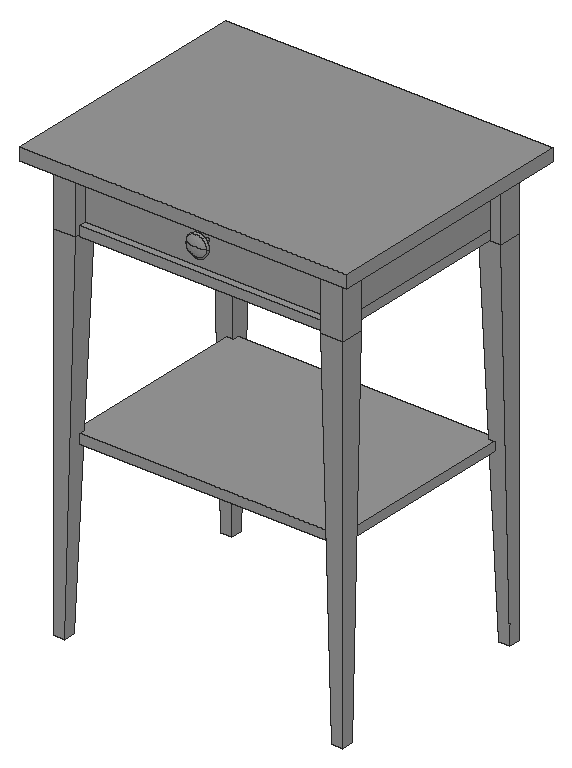
Revit family "Hemnes1", category Generic Models, Revit 2018
Family settings
  Can host rebar = No
  Round Connector Dimension = Use Diameter
  Part Type = Normal
  Work Plane-Based = No
  Always vertical = Yes
  Cut with Voids When Loaded = No
  Shared = No
  Room Calculation Point = No
Parameters
  d2 - thickness of plate = 15 mm
  d1 - thickness of leg = 35 mm
  Width Over edge = 30 mm
  W = 460 mm
  Knob = UHMW, Black
  H1 - Height of Top part = 100 mm
  H of Top = 20 mm
  H bottom - data = H - [H1 - Height of Top part] - H of Top  # 580 mm
  H = 700 mm
  D = 350 mm
  Base = Gypsum Wall Board
Reference planes
  plane 1 "Center (Front/Back)": y = 0
  plane 2: z = 0
  plane 3 "Center (Left/Right)": x = 0
  plane 4: z = 680
  plane 5: y = 175
  plane 6: x = 230
  plane 7: x = -230
  plane 8: y = -175
  plane 9: z = 580
  plane 10: x = 195
  plane 11: y = -140
  plane 12: y = 140
  plane 13: x = -195
  plane 14: x = -212.5
  plane 15: y = 157.5
  plane 16: y = -157.5
  plane 17: x = 212.5
  plane 18: z = 700
  plane 19: y = 205
  plane 20: x = 260
  plane 21: y = -205
  plane 22: x = -260
  plane 23: z = 290
  plane 24: z = 275
  plane 25: z = 595
  plane 26: y = -170
  plane 27: z = 637.5
Forms (mm)
  SweptBlend 1, solid, material "Gypsum Wall Board" <- "Base"
    path origin (0, 0, 0) x (1, 0, 0) y (0, 0, 1)
      loop
        line (230, 580) -> (230, 0)
    profile origin (230, 0, 580) x (0, -1, 0) y (1, 0, 0)
      loop
        line (140, -35) -> (175, -35) -> (175, 0) -> (140, 0) -> (140, -35)
    end profile origin (230, 0, 0) x (0, -1, 0) y (1, 0, 0)
      loop
        line (157.5, -17.5) -> (175, -17.5) -> (175, 0) -> (157.5, 0) -> (157.5, -17.5)
  SweptBlend 2, solid, material "Gypsum Wall Board" <- "Base"
    path origin (0, 0, 0) x (-1, 0, 0) y (0, 0, 1)
      loop
        line (230, 580) -> (230, 0)
    profile origin (-230, 0, 580) x (0, -1, 0) y (1, 0, 0)
      loop
        line (140, 0) -> (175, 0) -> (175, 35) -> (140, 35) -> (140, 0)
    end profile origin (-230, 0, 0) x (0, -1, 0) y (1, 0, 0)
      loop
        line (157.5, 0) -> (175, 0) -> (175, 17.5) -> (157.5, 17.5) -> (157.5, 0)
  SweptBlend 3, solid, material "Gypsum Wall Board" <- "Base"
    path origin (0, 0, 0) x (1, 0, 0) y (0, 0, -1)
      loop
        line (230, -580) -> (230, 0)
    profile origin (230, 0, 580) x (0, 1, 0) y (-1, 0, 0)
      loop
        line (175, 35) -> (140, 35) -> (140, 0) -> (175, 0) -> (175, 35)
    end profile origin (230, 0, 0) x (0, 1, 0) y (-1, 0, 0)
      loop
        line (175, 17.5) -> (157.5, 17.5) -> (157.5, 0) -> (175, 0) -> (175, 17.5)
  SweptBlend 4, solid, material "Gypsum Wall Board" <- "Base"
    path origin (0, 0, 0) x (-1, 0, 0) y (0, 0, 1)
      loop
        line (230, 580) -> (230, 0)
    profile origin (-230, 0, 580) x (0, 1, 0) y (-1, 0, 0)
      loop
        line (175, 0) -> (140, 0) -> (140, -35) -> (175, -35) -> (175, 0)
    end profile origin (-230, 0, 0) x (0, 1, 0) y (-1, 0, 0)
      loop
        line (175, 0) -> (157.5, 0) -> (157.5, -17.5) -> (175, -17.5) -> (175, 0)
  Sweep 5, solid, material "Gypsum Wall Board" <- "Base"
    path origin (0, 0, 0) x (1, 0, 0) y (0, 0, 1)
      loop
        line (290, 580) -> (290, 680)
    profile origin (290, 0, 630) x (-1, 0, 0) y (0, -1, 0)
      loop
        line (95, 140) -> (95, 175) -> (60, 175) -> (60, 140) -> (95, 140)
      loop
        line (95, -175) -> (95, -140) -> (60, -140) -> (60, -175) -> (95, -175)
      loop
        line (520, -175) -> (520, -140) -> (485, -140) -> (485, -175) -> (520, -175)
      loop
        line (520, 140) -> (520, 175) -> (485, 175) -> (485, 140) -> (520, 140)
  Extrusion 6, solid, material "Gypsum Wall Board" <- "Base"
    sketch origin (0, 0, 0) x (1, 0, 0) y (0, 1, 0)
      loop
        line (-260, 205) -> (-260, -205) -> (260, -205) -> (260, 205) -> (-260, 205)
    from 680 to 700
  Extrusion 7, solid, material "Gypsum Wall Board" <- "Base"
    sketch origin (0, 0, 0) x (1, 0, 0) y (0, 1, 0)
      loop
        line (-212.5, 157.5) -> (-212.5, -157.5) -> (212.5, -157.5) -> (212.5, 157.5) -> (-212.5, 157.5)
    from 275 to 290
  Extrusion 8, solid, material "Gypsum Wall Board" <- "Base"
    sketch origin (0, 0, 0) x (1, 0, 0) y (0, 1, 0)
      loop
        line (-212.5, 157.5) -> (-212.5, -170) -> (212.5, -170) -> (212.5, 157.5) -> (-212.5, 157.5)
    from 580 to 595
  Extrusion 9, solid, material "Gypsum Wall Board" <- "Base"
    sketch origin (0, 0, 0) x (1, 0, 0) y (0, 1, 0)
      loop
        line (-212.5, 157.5) -> (-212.5, -157.5) -> (212.5, -157.5) -> (212.5, 157.5) -> (-212.5, 157.5)
    from 580 to 680
Dimensions and locks
  equal spacing: plane 5, plane 1 "Center (Front/Back)", plane 8
  equal spacing: plane 7, plane 3 "Center (Left/Right)", plane 6
  "W": plane 7 to plane 6
  "D": plane 5 to plane 8
  "d1 - thickness of leg": plane 7 to plane 13
  "d1 - thickness of leg": plane 10 to plane 6
  "d1 - thickness of leg": plane 11 to plane 8
  "d1 - thickness of leg": plane 5 to plane 12
  equal spacing: plane 5, plane 15, plane 12
  equal spacing: plane 7, plane 14, plane 13
  equal spacing: plane 10, plane 17, plane 6
  equal spacing: plane 11, plane 16, plane 8
  "H1 - Height of Top part": plane 4 to plane 9
  "H of Top": plane 18 to plane 4
  "Width Over edge": plane 22 to plane 7
  "Width Over edge": plane 19 to plane 5
  "Width Over edge": plane 8 to plane 21
  "Width Over edge": plane 6 to plane 20
  equal spacing: plane 9, plane 23, plane 2
  "d2 - thickness of plate": plane 23 to plane 24
  "d2 - thickness of plate": plane 25 to plane 9
  locked: plane 26 to plane 8 at 5
  equal spacing: plane 4, plane 27, plane 25
  "H": plane 18 to level
  aligned and locked: level to plane 2
  aligned and locked: plane 9 to SweptBlend 1 sketch curve
  aligned and locked: plane 2 to SweptBlend 1 sketch curve
  aligned and locked: SweptBlend 1 sketch curve to plane 11
  aligned and locked: plane 10 to SweptBlend 1 sketch curve
  aligned and locked: SweptBlend 1 sketch curve to plane 6
  aligned and locked: plane 8 to SweptBlend 1 sketch curve
  aligned and locked: plane 16 to SweptBlend 1 sketch curve
  aligned and locked: SweptBlend 1 sketch curve to plane 17
  aligned and locked: SweptBlend 1 sketch curve to plane 8
  aligned and locked: SweptBlend 1 sketch curve to profile plane
  aligned and locked: plane 11 to SweptBlend 2 sketch curve
  aligned and locked: profile plane to SweptBlend 2 sketch curve  (x2)
  aligned and locked: SweptBlend 2 sketch curve to plane 8  (x2)
  aligned and locked: plane 13 to SweptBlend 2 sketch curve
  aligned and locked: plane 16 to SweptBlend 2 sketch curve
  aligned and locked: plane 14 to SweptBlend 2 sketch curve
  aligned and locked: plane 5 to SweptBlend 4 sketch curve  (x2)
  aligned and locked: SweptBlend 4 sketch curve to profile plane  (x2)
  aligned and locked: SweptBlend 4 sketch curve to plane 12
  aligned and locked: plane 13 to SweptBlend 4 sketch curve
  aligned and locked: SweptBlend 4 sketch curve to plane 15
  aligned and locked: plane 14 to SweptBlend 4 sketch curve
  aligned and locked: plane 5 to SweptBlend 3 sketch curve  (x2)
  aligned and locked: SweptBlend 3 sketch curve to plane 10
  aligned and locked: SweptBlend 3 sketch curve to plane 12
  aligned and locked: profile plane to SweptBlend 3 sketch curve  (x2)
  aligned and locked: SweptBlend 3 sketch curve to plane 17
  aligned and locked: SweptBlend 3 sketch curve to plane 15
  aligned and locked: plane 4 to Sweep 5 sketch curve
  aligned and locked: plane 9 to Sweep 5 sketch curve
  aligned and locked: Sweep 5 sketch curve to SweptBlend 1  (x4)
  aligned and locked: Sweep 5 sketch curve to SweptBlend 3  (x4)
  aligned and locked: Sweep 5 sketch curve to SweptBlend 4  (x4)
  aligned and locked: Sweep 5 sketch curve to SweptBlend 2  (x4)
  aligned and locked: Extrusion 6 sketch curve to plane 19
  aligned and locked: plane 22 to Extrusion 6 sketch curve
  aligned and locked: Extrusion 6 sketch curve to plane 21
  aligned and locked: Extrusion 6 sketch curve to plane 20
  aligned and locked: plane 18 to Extrusion 6
  aligned and locked: Extrusion 6 to plane 4
  aligned and locked: Extrusion 7 sketch curve to SweptBlend 4  (x2)
  aligned and locked: Extrusion 7 sketch curve to SweptBlend 1  (x2)
  aligned and locked: plane 23 to Extrusion 7
  aligned and locked: Extrusion 7 to plane 24
  aligned and locked: Extrusion 8 sketch curve to Extrusion 7  (x3)
  aligned and locked: Extrusion 9 sketch curve to Extrusion 7  (x2)
  aligned and locked: Extrusion 9 sketch curve to plane 17
  aligned and locked: Extrusion 8 to plane 26
  aligned and locked: Extrusion 9 to plane 16
  aligned and locked: nested 1 to plane 27
  aligned and locked: plane 3 "Center (Left/Right)" to nested 1
  aligned and locked: plane 16 to nested 1
  aligned and locked: plane 25 to Extrusion 8
  aligned and locked: Extrusion 8 to plane 9
  aligned and locked: Extrusion 9 to plane 9
  aligned and locked: plane 4 to Extrusion 9
Automatic sketch dimensions
  SweptBlend 1 sketch curve to plane 6 = 0 mm
  SweptBlend 2 sketch curve to level = 0 mm
  SweptBlend 2 sketch curve to plane 7 = 0 mm
  SweptBlend 2 sketch curve to plane 9 = 0 mm
  SweptBlend 3 sketch curve to level = 0 mm
  SweptBlend 3 sketch curve to plane 6 = 0 mm
  SweptBlend 3 sketch curve to plane 9 = 0 mm
  SweptBlend 4 sketch curve to level = 0 mm
  SweptBlend 4 sketch curve to plane 7 = 0 mm
  SweptBlend 4 sketch curve to plane 9 = 0 mm
  plane 6 to Sweep 5 sketch curve = 60 mm
  Extrusion 8 sketch curve to plane 26 = 0 mm
  Extrusion 9 sketch curve to plane 16 = 0 mm
Nested families
  nested 1: "Family2" at (0, -157.5, 637.5) x (1, 0, 0) z (0, -1, 0), M <- "Knob", type "Family2"
    with M UHMW, Black
Definition of nested family "Family2"
  Parameters (values of type "Family2")
    M [instance] = none
    Default Elevation = 1219.2 mm
  Reference planes
    plane 1 "Center (Front/Back)": y = 0
    plane 2: z = 0
    plane 3 "Center (Left/Right)": x = 0
    plane 4: z = 55
  Forms (mm)
    Extrusion 1, solid
      sketch origin (0, 0, 0) x (1, 0, 0) y (0, 1, 0)
        loop
          line (-1219.2, 1219.2) -> (-1219.2, -1219.2) -> (1219.2, -1219.2) -> (1219.2, 1219.2) -> (-1219.2, 1219.2)
      from 0 to -304.8
    Extrusion 2, solid, material <- "M"
      sketch origin (0, 0, 0) x (1, 0, 0) y (0, 1, 0)
        loop
          circle (0, 0) r 3
      from 0 to 14.364
    Revolve 3, solid, material <- "M"
      sketch origin (0, 0, -9.788) x (1, 0, 0) y (0, 0, 1)
        loop
          arc (0, 34.437) -> (-8.352, 33.697) -> (-16.283, 30.976) r 34.72
          arc (-16.283, 30.976) -> (-17.59, 28.89) -> (-16.283, 26.805) r 2.318
          arc (-16.283, 26.805) -> (-8.352, 24.084) -> (0, 23.344) r 34.72
          line (0, 23.344) -> (0, 34.437)
        axis (0, 23.344) -> (0, 34.437)
      angle from 0 to 360
  Dimensions and locks
    aligned and locked: plane 2 to Extrusion 1
    aligned and locked: level to Extrusion 1
